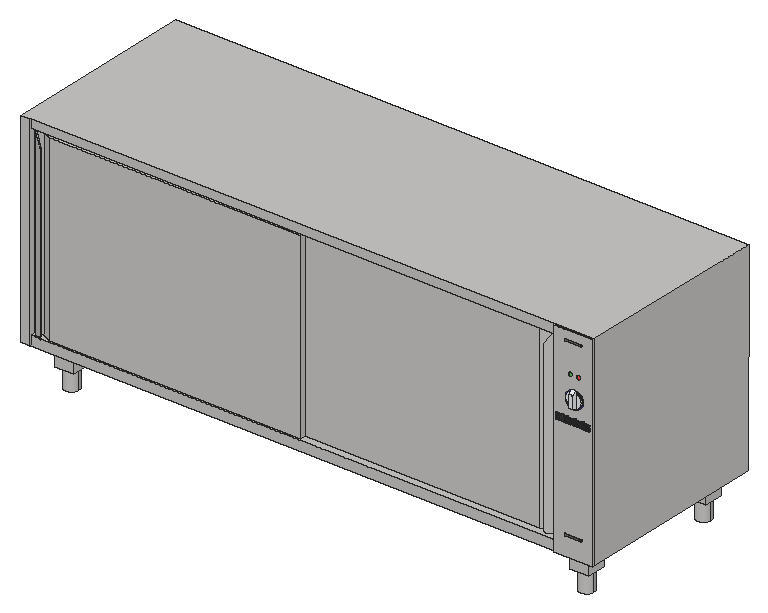
Revit family "QF_ELECTROLUXPROFESSIONAL_121922_TE2SE20", category Attrezzature speciali, Revit 2020
Family settings
  Quota connettore circolare = Usa diametro
  Tipo di parte = Normale
  Basato su piano di lavoro = No
  Sempre verticale = Sì
  Taglio con vuoti quando caricato = No
  Condiviso = No
  Punto di calcolo locali = No
Parameters (values of type "Standard")
  Weight = 121.00 kg
  Watts = 2000 W
  Volts = 230 V
  URL Manufacturer = "https://www.electroluxprofessional.com/"
  URL = "https://www.electroluxprofessional.com/"
  Steam Supply Size = 0 mm
  Steam Supply Minimum Pressure = 0.0 Pa
  Steam Supply Maximum Pressure = 0.0 Pa
  Steam Consumption per Hour = 0
  Refrigeration Suction Line Size = 0.0 mm
  Refrigeration Liquid Line Size = 0.0 mm
  Refrigerant Compressor Remote = yes
  Prospetto di default = 0.0 mm
  Phase = 1
  Modello = "TE2SE20"
  Produttore = "Electrolux Professional"
  Length Actual = 2000.0 mm  # constant formula
  Item Number = "121922"
  Hot Water Size = 0 mm
  Height Actual = 860.0 mm  # constant formula
  HP = "2.7 HP"
  Gas Size = 0 mm
  Gas KW = 0
  Gas Input Pressure = 0 W
  Direct Waste Size = 0 mm
  Descrizione = "HOT CUPBOARD WITH 2 SLIDING DOORS 2000MM"
  Depth Actual = 680.0 mm  # constant formula
  Cycle = 50 Hz
  Condensate Return Size = 0 mm
  Compressed Air Volume = 0.0 L/s
  Compressed Air Size = 0 mm
  Compressed Air Pressure = 0.0 Pa
  Cold Water Size = 0 mm
  Accessory = yes
Reference planes
  plane 1 "Center (Front/Back)": y = 0
  plane 2: z = 0
  plane 3 "Center (Left/Right)": x = -300
  plane 4 "LEFT": x = -1300
  plane 5 "RIGHT": x = 700
  plane 6 "BACK": y = 340
  plane 7 "FRONT": y = -340
  plane 8 "Base": z = 860
  plane 9 "TOP": z = 900
  plane 10: x = -1200
  plane 11: x = 600
  plane 12: y = 270
  plane 13: y = -240
  plane 14 "FEET": z = 150
  plane 15: x = -1266
  plane 16: y = -337
  plane 17: y = 310
  plane 18: x = 566
  plane 19 "EIy": x = 668
  plane 20 "EIx": y = -90
Forms (mm)
  Extrusion 1, solid, material "QF_Finishes_Stainless Steel"
    sketch origin (0, 0, 150) x (-1, 0, 0) y (0, -1, 0)
      loop
        line (1300, -340) -> (1300, 340) -> (1266, 340) -> (1266, -340) -> (1300, -340)
      loop
        line (-566, -340) -> (-566, 337) -> (-700, 337) -> (-700, -340) -> (-566, -340)
    from 0 to 710
  Extrusion 2, solid, material "QF_Finishes_Stainless Steel"
    sketch origin (0, 0, 150) x (-1, 0, 0) y (0, -1, 0)
      loop
        line (1266, -310) -> (1266, 337) -> (-566, 337) -> (-566, -310) -> (1266, -310)
    from 0 to 35
  Extrusion 3, solid, material "QF_Finishes_Stainless Steel"
    sketch origin (0, 0, 0) x (1, 0, 0) y (0, 1, 0)
      loop
        line (-1266, -337) -> (566, -337) -> (566, 340) -> (-1266, 340) -> (-1266, -337)
    from 830 to 860
  Extrusion 4, solid, material "QF_Finishes_Stainless Steel"
    sketch origin (0, 0, 150) x (-1, 0, 0) y (0, -1, 0)
      loop
        line (1266, -340) -> (1266, -310) -> (-566, -310) -> (-566, -340) -> (1266, -340)
    from 680 to 0
  Extrusion 5, solid, material "QF_Finishes_Stainless Steel"
    sketch origin (0, -340, 0) x (-1, 0, 0) y (0, 0, 1)
      loop
        line (301, 185) -> (301, 187) -> (299, 187) -> (299, 185) -> (301, 185)
    from 45 to 43
  Extrusion 6, solid, material "QF_Finishes_Stainless Steel"
    sketch origin (0, 0, 150) x (-1, 0, 0) y (0, -1, 0)
      loop
        circle (-668, 90) r 10
    from 0 to -5
  Extrusion 7, solid, material "QF_Finishes_Stainless Steel"
    sketch origin (0, 0, 150) x (-1, 0, 0) y (0, -1, 0)
      loop
        line (376.5, 317) -> (-498, 317) -> (-533, 302) -> (-563, 302) -> (-563, 297) -> (376.5, 297) -> (376.5, 317)
    from 675 to 40
  Extrusion 8, solid, material "QF_Finishes_Stainless Steel"
    sketch origin (0, 0, 150) x (-1, 0, 0) y (0, -1, 0)
      loop
        line (-521, 331) -> (-549, 316) -> (-563, 302) -> (-560.172, 302) -> (-547.795, 314.377) -> (-520.056, 329.237) -> (-521, 331)
    from 675 to 40
  Extrusion 9, solid, material "QF_Finishes_Stainless Steel"
    sketch origin (0, 0, 150) x (-1, 0, 0) y (0, -1, 0)
      loop
        line (323.481, 337) -> (323.481, 317) -> (1263, 317) -> (1263, 322) -> (1233, 322) -> (1198, 337) -> (323.481, 337)
    from 675 to 40
  Extrusion 10, solid, material "QF_Finishes_Stainless Steel"
    sketch origin (0, 0, 150) x (-1, 0, 0) y (0, -1, 0)
      loop
        line (1221, 351) -> (1220.056, 349.237) -> (1247.795, 334.377) -> (1260.172, 322) -> (1263, 322) -> (1249, 336) -> (1221, 351)
    from 675 to 40
  Extrusion 11, void
    sketch origin (-318.5, -342.5, 2438.308) x (-1, 0, 0) y (0, 0, 1)
      loop
        line (897, -1610) -> (897, -1661.75) -> (931.5, -1610) -> (897, -1610)
      loop
        line (901.556, -2245) -> (911.556, -2245)
        arc (911.556, -2245) -> (904.484, -2242.071) -> (901.556, -2235) r 10
        line (901.556, -2235) -> (901.556, -2245)
    from -13.118 to 9.689
  Extrusion 12, void
    sketch origin (-481.5, -342.5, 2430) x (1, 0, 0) y (0, 0, -1)
      loop
        line (997, 1605) -> (1031.5, 1605) -> (997, 1656.75) -> (997, 1605)
      loop
        line (1001.556, 2240) -> (1001.556, 2230)
        arc (1001.556, 2230) -> (1004.484, 2237.071) -> (1011.556, 2240) r 10
        line (1011.556, 2240) -> (1001.556, 2240)
    from 5.5 to 29.918
Cuts and joins
  joined: Extrusion 1, Extrusion 3, Extrusion 4
  Extrusion 11 cuts Extrusion 10
  Extrusion 12 cuts Extrusion 8
Lines and regions (mm)
  symbolic lines, style "SpecialityEquipmentHiddenLines"
    curve 1: line (700, 340, 900) -> (-1300, 340, 900)
    curve 2: line (700, -340, 900) -> (700, 340, 900)
    curve 3: line (-1300, -344.5, 150) -> (-1300, 340, 150)
    curve 4: line (-1300, -340, 150) -> (-1266, -340, 150)
    curve 5: line (-1266, -340, 150) -> (-1266, -337, 150)
    curve 6: line (-1266, -337, 150) -> (566, -337, 150)
    curve 7: line (566, -337, 150) -> (566, -340, 150)
    curve 8: line (566, -340, 150) -> (700, -340, 150)
    curve 9: line (568, -340, 1600) -> (568, -337, 1600)
    curve 11: line (-1268, -337, 1600) -> (-1268, -340, 1600)
    curve 12: line (566, -297, 200) -> (-376.5, -297, 200)
    curve 13: line (-376.5, -297, 200) -> (-376.5, -317, 200)
    curve 14: line (499, -317, 200) -> (-1263, -317, 200)
    curve 18: line (-323.5, -317, 200) -> (-323.5, -337, 200)
    curve 19: line (498, -317, 1600) -> (533, -302, 1600)
    curve 20: line (533, -302, 1600) -> (563, -302, 1600)
    curve 21: line (563, -302, 1600) -> (563, -297, 1600)
    curve 22: line (520.958, -331.023, 1600) -> (548.999, -316.001, 1600)
    curve 23: line (548.999, -316.001, 1600) -> (563, -302, 1600)
    curve 24: line (560.172, -302, 1600) -> (547.795, -314.377, 1600)
    curve 25: line (547.795, -314.377, 1600) -> (519.992, -329.271, 1600)
    curve 26: line (519.992, -329.271, 1600) -> (520.958, -331.023, 1600)
    curve 27: line (-1263, -317, 1600) -> (-1263, -322, 1600)
    curve 28: line (-1263, -322, 1600) -> (-1249, -336, 1600)
    curve 29: line (-1249, -336, 1600) -> (-1247.133, -337, 1600)
    curve 30: line (-1242.884, -337, 1600) -> (-1247.955, -334.283, 1600)
    curve 31: line (-1247.955, -334.283, 1600) -> (-1260.239, -322, 1600)
    curve 32: line (-1198, -337, 1600) -> (-1233, -322, 1600)
    curve 33: line (-1233, -322, 1600) -> (-1263, -322, 1600)
  symbolic lines, style "SpecialityEquipment"
    curve 10: line (568, -337, 1600) -> (-1268, -337, 1600)
    curve 15: line (-1247.133, -337, 1600) -> (-1220.985, -351.008, 1600)
    curve 16: line (-1220.985, -351.008, 1600) -> (-1220.038, -349.239, 1600)
    curve 17: line (-1242.884, -337, 1600) -> (-1220.038, -349.239, 1600)
Dimensions and locks
  plane 4 "LEFT" to plane 5 "RIGHT" = 2000.0 mm
  equal spacing: plane 4 "LEFT", plane 3 "Center (Left/Right)", plane 5 "RIGHT"
  plane 6 "BACK" to plane 7 "FRONT" = 680.0 mm
  equal spacing: plane 6 "BACK", plane 1 "Center (Front/Back)", plane 7 "FRONT"
  locked: plane 14 "FEET" to level at 150
  locked: plane 4 "LEFT" to plane 10 at 100
  locked: plane 11 to plane 5 "RIGHT" at 100
  locked: plane 4 "LEFT" to plane 15 at 34
  plane 16 to plane 7 "FRONT" = 3.0 mm
  plane 6 "BACK" to plane 17 = 30.0 mm
  locked: plane 6 "BACK" to plane 12 at 70
  locked: plane 13 to plane 7 "FRONT" at 100
  locked: plane 8 "Base" to level at 860
  locked: plane 9 "TOP" to level at 900
  locked: plane 18 to plane 5 "RIGHT" at 134
  locked: plane 19 "EIy" to plane 5 "RIGHT" at 32
  locked: plane 20 "EIx" to plane 7 "FRONT" at 250
  aligned and locked: level to plane 2
  aligned and locked: plane 10 to nested 1
  aligned and locked: plane 11 to nested 2
  aligned and locked: nested 4 to plane 12
  aligned and locked: plane 10 to nested 3
  aligned and locked: nested 3 to plane 12
  aligned and locked: plane 8 "Base" to Extrusion 1
  aligned and locked: plane 6 "BACK" to Extrusion 1 sketch curve
  aligned and locked: Extrusion 1 sketch curve to plane 6 "BACK"
  aligned and locked: Extrusion 1 sketch curve to plane 7 "FRONT"
  aligned and locked: plane 15 to Extrusion 1
  aligned and locked: Extrusion 2 to plane 15
  aligned and locked: plane 8 "Base" to Extrusion 3
  aligned and locked: Extrusion 2 to plane 16
  aligned and locked: Extrusion 2 to plane 17
  aligned and locked: Extrusion 3 to plane 16
  aligned and locked: plane 15 to Extrusion 4 sketch curve
  aligned and locked: Extrusion 4 sketch curve to plane 6 "BACK"
  aligned and locked: Extrusion 4 sketch curve to plane 17
  aligned and locked: Extrusion 4 to Extrusion 3
  aligned and locked: Extrusion 4 to plane 14 "FEET"
  aligned and locked: plane 6 "BACK" to Extrusion 3
  aligned and locked: nested 1 to plane 13
  aligned and locked: nested 2 to plane 13
  aligned and locked: plane 18 to Extrusion 3
  aligned and locked: Extrusion 2 sketch curve to plane 18
  aligned and locked: nested 4 to nested 2
Automatic sketch dimensions
  curve 2 to plane 5 "RIGHT" = 0.0 mm
  curve 2 to plane 7 "FRONT" = 0.0 mm
  curve 1 to plane 4 "LEFT" = 0.0 mm
  curve 1 to plane 6 "BACK" = 0.0 mm
  Extrusion 1 sketch curve to plane 5 "RIGHT" = 0.0 mm
  Extrusion 1 sketch curve to plane 16 = 0.0 mm
  Extrusion 1 sketch curve to plane 18 = 0.0 mm
  Extrusion 1 sketch curve to plane 15 = 0.0 mm
  Extrusion 1 sketch curve to plane 4 "LEFT" = 0.0 mm
  Extrusion 2 sketch curve to plane 15 = 0.0 mm
  plane 17 to Extrusion 2 sketch curve = 0.0 mm
  Extrusion 2 sketch curve to plane 16 = 0.0 mm
  curve 8 to plane 5 "RIGHT" = 0.0 mm
  curve 8 to plane 7 "FRONT" = 0.0 mm
  curve 8 to plane 18 = 0.0 mm
  curve 6 to plane 15 = 0.0 mm
  curve 3 to plane 4 "LEFT" = 0.0 mm
  curve 3 to plane 6 "BACK" = 0.0 mm
  curve 6 to plane 16 = 0.0 mm
  curve 4 to plane 7 "FRONT" = 0.0 mm
  curve 3 to plane 7 "FRONT" = 4.5 mm
  Extrusion 3 sketch curve to plane 6 "BACK" = 0.0 mm
  Extrusion 3 sketch curve to plane 15 = 0.0 mm
  Extrusion 3 sketch curve to plane 18 = 0.0 mm
  Extrusion 3 sketch curve to plane 16 = 0.0 mm
  Extrusion 4 sketch curve to plane 18 = 0.0 mm
  plane 3 "Center (Left/Right)" to Extrusion 5 sketch curve = 1.0 mm
  Extrusion 5 sketch curve to plane 3 "Center (Left/Right)" = 1.0 mm
  plane 14 "FEET" to Extrusion 5 sketch curve = 35.0 mm
  Extrusion 5 sketch curve to Extrusion 5 sketch curve = 2.0 mm
  Extrusion 6 sketch curve to plane 19 "EIy" = 0.0 mm
  Extrusion 6 sketch curve to plane 20 "EIx" = 0.0 mm
  Extrusion 7 sketch curve to plane 18 = 3.0 mm
  Extrusion 7 sketch curve to Extrusion 7 sketch curve = 30.0 mm
  Extrusion 7 sketch curve to Extrusion 7 sketch curve = 35.0 mm
  Extrusion 7 sketch curve to plane 3 "Center (Left/Right)" = 76.5 mm
  plane 16 to Extrusion 7 sketch curve = 40.0 mm
  Extrusion 7 sketch curve to Extrusion 7 sketch curve = 5.0 mm
  Extrusion 7 sketch curve to Extrusion 7 sketch curve = 20.0 mm
  Extrusion 8 sketch curve to plane 18 = 3.0 mm
  Extrusion 8 sketch curve to Extrusion 8 sketch curve = 2.828 mm
  Extrusion 8 sketch curve to plane 18 = 17.0 mm
  Extrusion 8 sketch curve to Extrusion 8 sketch curve = 1.205 mm
  plane 16 to Extrusion 8 sketch curve = 6.0 mm
  Extrusion 8 sketch curve to Extrusion 8 sketch curve = 26.795 mm
  plane 16 to Extrusion 8 sketch curve = 7.763 mm
  Extrusion 8 sketch curve to Extrusion 8 sketch curve = 0.944 mm
  Extrusion 8 sketch curve to Extrusion 8 sketch curve = 12.377 mm
  Extrusion 9 sketch curve to plane 16 = 0.0 mm
  Extrusion 9 sketch curve to plane 3 "Center (Left/Right)" = 23.481 mm
  plane 10 to Extrusion 9 sketch curve = 2.0 mm
  plane 16 to Extrusion 9 sketch curve = 15.0 mm
  Extrusion 9 sketch curve to plane 10 = 33.0 mm
  plane 15 to Extrusion 9 sketch curve = 3.0 mm
  Extrusion 9 sketch curve to Extrusion 9 sketch curve = 20.0 mm
  Extrusion 10 sketch curve to plane 10 = 20.056 mm
  Extrusion 10 sketch curve to plane 7 "FRONT" = 11.0 mm
  Extrusion 10 sketch curve to Extrusion 10 sketch curve = 0.944 mm
  plane 16 to Extrusion 10 sketch curve = 2.623 mm
  plane 15 to Extrusion 10 sketch curve = 18.205 mm
  plane 16 to Extrusion 10 sketch curve = 1.0 mm
  plane 15 to Extrusion 10 sketch curve = 5.828 mm
  Extrusion 10 sketch curve to Extrusion 10 sketch curve = 2.828 mm
  plane 16 to Extrusion 10 sketch curve = 15.0 mm
  curve 9 to plane 16 = 0.0 mm
  curve 9 to plane 7 "FRONT" = 0.0 mm
  curve 11 to plane 7 "FRONT" = 0.0 mm
  plane 18 to curve 9 = 2.0 mm
  curve 23 to plane 18 = 3.0 mm
  curve 23 to plane 18 = 17.001 mm
  curve 22 to curve 25 = 1.204 mm
  curve 24 to curve 19 = 14.795 mm
  plane 16 to curve 22 = 5.977 mm
  curve 19 to curve 22 = 12.042 mm
  plane 16 to curve 25 = 7.729 mm
  curve 22 to curve 25 = 0.966 mm
  curve 16 to plane 7 "FRONT" = 9.239 mm
  curve 16 to plane 10 = 20.038 mm
  curve 16 to plane 7 "FRONT" = 11.008 mm
  curve 16 to curve 16 = 0.948 mm
  curve 33 to curve 17 = 9.884 mm
  plane 16 to curve 30 = 2.717 mm
  curve 15 to curve 30 = 0.822 mm
  plane 16 to curve 29 = 1.0 mm
  curve 30 to curve 29 = 1.045 mm
  plane 15 to curve 33 = 3.0 mm
  curve 11 to plane 15 = 2.0 mm
  plane 16 to curve 33 = 15.0 mm
  plane 16 to curve 23 = 20.999 mm
  curve 25 to curve 22 = 1.624 mm
  curve 19 to curve 24 = 12.377 mm
  curve 20 to curve 24 = 2.828 mm
  plane 16 to curve 19 = 20.0 mm
  curve 25 to curve 19 = 21.992 mm
  plane 10 to curve 32 = 2.0 mm
  curve 30 to curve 17 = 0.0 mm
  curve 29 to curve 15 = 0.0 mm
  curve 31 to curve 27 = 2.761 mm
  curve 27 to curve 27 = 5.0 mm
  curve 21 to curve 20 = 5.0 mm
  curve 12 to plane 18 = 0.0 mm
  curve 18 to plane 16 = 0.0 mm
  curve 13 to plane 3 "Center (Left/Right)" = 76.5 mm
  plane 16 to curve 13 = 40.0 mm
  plane 16 to curve 14 = 20.0 mm
  curve 14 to plane 18 = 67.0 mm
  curve 18 to plane 3 "Center (Left/Right)" = 23.5 mm
  plane 15 to curve 14 = 3.0 mm
  Extrusion 11 sketch curve to plane 10 = 15.5 mm
  Extrusion 11 sketch curve to plane 10 = 20.056 mm
  Extrusion 11 sketch curve to Extrusion 11 sketch curve = 10.0 mm
  plane 15 to Extrusion 11 sketch curve = 16.0 mm
  plane 14 "FEET" to Extrusion 11 sketch curve = 43.308 mm
  Extrusion 11 sketch curve to plane 8 "Base" = 83.442 mm
  Extrusion 11 sketch curve to plane 8 "Base" = 31.692 mm
  Extrusion 12 sketch curve to plane 18 = 50.5 mm
  Extrusion 12 sketch curve to plane 18 = 45.944 mm
  Extrusion 12 sketch curve to Extrusion 12 sketch curve = 10.0 mm
  Extrusion 12 sketch curve to plane 18 = 16.0 mm
  Extrusion 12 sketch curve to plane 8 "Base" = 35.0 mm
  Extrusion 12 sketch curve to Extrusion 12 sketch curve = 51.75 mm
  plane 14 "FEET" to Extrusion 12 sketch curve = 50.0 mm
  radius of Extrusion 6 sketch curve = 10.0 mm
Nested families
  nested 1: "FEET_L65-150" at (-1200, -240, 0), type "FEET_L65-150"
  nested 2: "FEET_L65-150" at (600, -240, 0), type "FEET_L65-150"
  nested 3: "FEET_L65-150" at (-1200, 270, 0), type "FEET_L65-150"
  nested 4: "FEET_L65-150" at (600, 270, 0), type "FEET_L65-150"
  nested 5: "PANEL_ELX_HOTCUP_134" at (596.958, -337, 150) x (1, 0, 0) z (0, -1, 0), type "PANEL_ELX_HOTCUP_134"
    with Width 134.0 mm, Show Clearance yes
Connectors
  electrical at (668, -90, 145), driven by "Volts"
    settings: on Extrusion 6, index 1, voltage 230 V, apparent load 0 VA, apparent load phase1 0 VA, apparent load phase2 0 VA, apparent load phase3 0 VA, power factor 1, load classification "Other", number of poles 1, system type 30, power factor state 1, is connector primary yes, connector utility no, sub classification motor no, connector description "Electrical Connection"
Definition of nested family "FEET_L65-150"
  Parameters
    Default Elevation = 0.0 mm
    FEET = 150.0 mm
  Reference planes
    plane 1 "Center (Front/Back)": y = 0
    plane 2: z = 0
    plane 3 "Center (Left/Right)": x = 0
    plane 4: z = 150
  Forms (mm)
    Extrusion 1, solid
      sketch origin (0, 0, 0) x (1, 0, 0) y (0, 1, 0)
        loop
          circle (0, 0) r 25
      from 0 to 67
    Extrusion 2, solid
      sketch origin (0, 0, 0) x (1, 0, 0) y (0, 1, 0)
        loop
          line (32.561, 32.5) -> (-32.439, 32.5) -> (-32.439, -32.5) -> (32.561, -32.5) -> (32.561, 32.5)
      from 67 to 150 <- "FEET"
  Lines and regions (mm)
    symbolic lines
      curve 1: line (0, -1.503, 0) -> (0, 1.508, 0)
      curve 2: line (1.561, 0, 0) -> (-1.439, 0, 0)
  Dimensions and locks
    "FEET": plane 4 to plane 2
    aligned and locked: level to plane 2
  Automatic sketch dimensions
    plane 1 "Center (Front/Back)" to Extrusion 1 sketch curve = 0.0 mm
    Extrusion 1 sketch curve to plane 3 "Center (Left/Right)" = 0.0 mm
    plane 1 "Center (Front/Back)" to curve 2 = 0.0 mm
    curve 1 to plane 3 "Center (Left/Right)" = 0.0 mm
    curve 2 to plane 3 "Center (Left/Right)" = 1.439 mm
    plane 3 "Center (Left/Right)" to curve 2 = 1.561 mm
    plane 1 "Center (Front/Back)" to curve 1 = 1.503 mm
    curve 1 to plane 1 "Center (Front/Back)" = 1.508 mm
    Extrusion 2 sketch curve to plane 1 "Center (Front/Back)" = 32.5 mm
    Extrusion 2 sketch curve to plane 3 "Center (Left/Right)" = 32.439 mm
    plane 3 "Center (Left/Right)" to Extrusion 2 sketch curve = 32.561 mm
    plane 1 "Center (Front/Back)" to Extrusion 2 sketch curve = 32.5 mm
    radius of Extrusion 1 sketch curve = 25.0 mm
Definition of nested family "PANEL_ELX_HOTCUP_134"
  Parameters
    Width [instance] = 134.0 mm
    Show Clearance [instance] = yes
    Model = "727995"
    Height = 710.0 mm
    Default Elevation = 0.0 mm
  Reference planes
    plane 1 "Center (Front/Back)": y = 0
    plane 2: z = 0
    plane 3 "Center (Left/Right)": x = 36.042
    plane 4 "panel": z = 3
    plane 5 "Left": x = -30.958
    plane 6 "Right": x = 103.042
    plane 7: y = 710
    plane 8 "L1": x = 26.042
    plane 9 "L2": x = 54.042
    plane 10: y = 575
  Forms (mm)
    Extrusion 1, solid
      sketch origin (0, -919.2, 0) x (1, 0, 0) y (0, 1, 0)
        loop
          line (-980.5, 2119.2) -> (-980.5, -162.846) -> (881.94, -162.846) -> (881.94, 2119.2) -> (-980.5, 2119.2)
      from 0 to -59.546
    Extrusion 2, solid
      sketch origin (36.042, -190, 0) x (0, 1, 0) y (0, 0, 1)
        loop
          line (190, 3) -> (190, 0) -> (900, 0) -> (900, 3) -> (190, 3)
      from 67 to -67
    Extrusion 3, solid
      sketch origin (0, 0, 0) x (1, 0, 0) y (0, 1, 0)
        loop
          line (9.042, 673.5) -> (63.042, 673.5)
          arc (63.042, 673.5) -> (66.042, 676.5) -> (63.042, 679.5) r 3
          line (63.042, 679.5) -> (9.042, 679.5)
          arc (9.042, 679.5) -> (6.042, 676.5) -> (9.042, 673.5) r 3
        loop
          line (9.042, 65) -> (63.042, 65)
          arc (63.042, 65) -> (66.042, 68) -> (63.042, 71) r 3
          line (63.042, 71) -> (9.042, 71)
          arc (9.042, 71) -> (6.042, 68) -> (9.042, 65) r 3
      from 3 to 4.6
    Extrusion 4, solid
      sketch origin (0, 0, 0) x (1, 0, 0) y (0, 1, 0)
        loop
          circle (40.042, 500) r 30
      from 0 to 5
    Extrusion 5, solid
      sketch origin (0, 0, 0) x (1, 0, 0) y (0, 1, 0)
        loop
          circle (40.042, 500) r 26.788
      from 7 to 5
    Blend 6, solid
      base sketch origin (0, 0, 0) x (1, 0, 0) y (0, 1, 0)
        loop
          arc (48.106, 530.45) -> (40.022, 531.5) -> (31.94, 530.44) r 31.5
          line (31.94, 530.44) -> (31.94, 474.458)
          arc (31.94, 474.458) -> (40.023, 473.209) -> (48.106, 474.454) r 26.815
          line (48.106, 474.454) -> (48.106, 530.45)
      top sketch origin (0, 0, 0) x (1, 0, 0) y (0, 1, 0)
        loop
          arc (47.007, 520.889) -> (40.042, 522.019) -> (33.077, 520.889) r 22.019
          line (33.077, 520.889) -> (33.077, 480.699)
          arc (33.077, 480.699) -> (40.042, 479.481) -> (47.007, 480.699) r 20.519
          line (47.007, 480.699) -> (47.007, 520.889)
      from 7 to 20
    Revolve 7, solid
      sketch origin (26.042, 0, 0) x (0, 1, 0) y (0, 0, 1)
        loop
          line (575, 3) -> (581, 3)
          arc (581, 3) -> (578.606, 5.908) -> (575, 7) r 6.5
          line (575, 7) -> (575, 3)
        axis (575, 7) -> (575, 3)
      angle from 0 to 360
    Revolve 8, solid
      sketch origin (54.042, 0, 0) x (0, 1, 0) y (0, 0, 1)
        loop
          line (575, 3) -> (581, 3)
          arc (581, 3) -> (578.606, 5.908) -> (575, 7) r 6.5
          line (575, 7) -> (575, 3)
        axis (575, 7) -> (575, 3)
      angle from 0 to 360
  Dimensions and locks
    plane 4 "panel" to level = 3.0 mm
    "Width": plane 5 "Left" to plane 6 "Right"
    equal spacing: plane 5 "Left", plane 3 "Center (Left/Right)", plane 6 "Right"
    "Height": plane 1 "Center (Front/Back)" to plane 7
    aligned and locked: plane 2 to Extrusion 1
    aligned and locked: level to Extrusion 1
    aligned and locked: plane 7 to Extrusion 2
    aligned and locked: plane 6 "Right" to Extrusion 2
    aligned and locked: Extrusion 2 to plane 5 "Left"
    aligned and locked: plane 1 "Center (Front/Back)" to Extrusion 2
  Automatic sketch dimensions
    Extrusion 1 sketch curve to Extrusion 1 sketch curve = 1862.44 mm
    Extrusion 1 sketch curve to Extrusion 1 sketch curve = 2282.046 mm
    Extrusion 2 sketch curve to plane 1 "Center (Front/Back)" = 0.0 mm
    Extrusion 2 sketch curve to level = 0.0 mm
    Extrusion 2 sketch curve to plane 7 = 0.0 mm
    Extrusion 2 sketch curve to plane 4 "panel" = 0.0 mm
    Extrusion 3 sketch curve to plane 8 "L1" = 17.0 mm  (x2)
    plane 9 "L2" to Extrusion 3 sketch curve = 9.0 mm  (x2)
    Extrusion 3 sketch curve to plane 1 "Center (Front/Back)" = 65.0 mm
    Extrusion 3 sketch curve to Extrusion 3 sketch curve = 3.0 mm  (x2)
    Extrusion 3 sketch curve to plane 7 = 36.5 mm
    plane 3 "Center (Left/Right)" to Extrusion 4 sketch curve = 4.0 mm
    Extrusion 4 sketch curve to plane 10 = 75.0 mm
    plane 3 "Center (Left/Right)" to Extrusion 5 sketch curve = 4.0 mm
    Extrusion 5 sketch curve to plane 10 = 75.0 mm
    Blend 6 sketch curve to plane 3 "Center (Left/Right)" = 4.102 mm
    plane 3 "Center (Left/Right)" to Blend 6 sketch curve = 3.988 mm
    Blend 6 sketch curve to Blend 6 sketch curve = 0.012 mm
    Blend 6 sketch curve to plane 9 "L2" = 5.936 mm
    Blend 6 sketch curve to plane 10 = 100.546 mm
    Blend 6 sketch curve to Blend 6 sketch curve = 0.004 mm
    Blend 6 sketch curve to Blend 6 sketch curve = 0.024 mm
    Blend 6 sketch curve to Blend 6 sketch curve = 30.416 mm
    Blend 6 sketch curve to Blend 6 sketch curve = 0.0 mm  (x2)
    Blend 6 sketch curve to plane 3 "Center (Left/Right)" = 2.965 mm
    plane 3 "Center (Left/Right)" to Blend 6 sketch curve = 4.0 mm
    Blend 6 sketch curve to plane 9 "L2" = 7.035 mm
    Blend 6 sketch curve to plane 10 = 94.301 mm
    Blend 6 sketch curve to Blend 6 sketch curve = 19.301 mm
    Blend 6 sketch curve to Blend 6 sketch curve = 20.889 mm
    Revolve 7 sketch curve to plane 4 "panel" = 0.0 mm
    Revolve 7 sketch curve to plane 10 = 0.0 mm  (x2)
    plane 10 to Revolve 7 sketch curve = 6.0 mm
    level to Revolve 7 sketch curve = 0.5 mm
    Revolve 7 sketch curve to Revolve 7 sketch curve = 0.57 mm
    Revolve 7 sketch curve to Revolve 7 sketch curve = 2.941 mm
    Revolve 8 sketch curve to plane 4 "panel" = 0.0 mm
    Revolve 8 sketch curve to plane 10 = 0.0 mm  (x2)
    plane 10 to Revolve 8 sketch curve = 6.0 mm
    level to Revolve 8 sketch curve = 0.5 mm
    Revolve 8 sketch curve to Revolve 8 sketch curve = 0.57 mm
    Revolve 8 sketch curve to Revolve 8 sketch curve = 2.941 mm
    radius of Extrusion 4 sketch curve = 30.0 mm
    radius of Extrusion 5 sketch curve = 26.788 mm
  Nested families
    nested 1: "ELX_Professional_Logo_Small" at (36.042, 430.35, 3), type "ELX_Professional_Logo_Small"
      with Show Logo yes, Material_Logo none
  Definition of nested family "ELX_Professional_Logo_Small"
    Parameters
      Show Logo [instance] = yes
      Material_Logo [instance] = none
      Default Elevation = 0.0 mm
    Reference planes
      plane 1 "Centro (Fronte/Retro)": y = 0
      plane 2: z = 0
      plane 3 "Centro (Sinistra/Destra)": x = 0
    Forms (mm)
      Extrusion 1, solid
        sketch origin (0, 0, 0) x (1, 0, 0) y (0, 1, 0)
          loop
            line (-1219.2, 1219.2) -> (-1219.2, -1219.2) -> (1219.2, -1219.2) -> (1219.2, 1219.2) -> (-1219.2, 1219.2)
        from 0 to -304.8
      Extrusion 2, solid, material <- "Material_Logo"
        sketch origin (15.5, 0, 0) x (1, 0, 0) y (0, 1, 0)
          loop
            spline (-42.99, -1.24) -> (-43.195, -1.231) -> (-43.415, -1.203) -> (-43.642, -1.152) -> (-43.87, -1.074) -> (-44.095, -0.966) -> (-44.309, -0.825) -> (-44.506, -0.647) -> (-44.681, -0.429) -> (-44.828, -0.167) -> (-44.94, 0.142) -> (-45.011, 0.501) -> (-45.037, 0.915)
            line (-45.037, 0.915) -> (-45.037, 2.748) -> (-38.984, 2.748) -> (-38.984, 5.086) -> (-45.038, 5.086) -> (-45.038, 8.489) -> (-38.599, 8.489) -> (-38.599, 10.82) -> (-47.515, 10.82) -> (-47.515, 1.021)
            spline (-47.515, 1.021) -> (-47.493, 0.418) -> (-47.425, -0.15) -> (-47.311, -0.682) -> (-47.15, -1.175) -> (-46.939, -1.628) -> (-46.678, -2.038) -> (-46.365, -2.404) -> (-46, -2.723) -> (-45.58, -2.995) -> (-45.105, -3.216) -> (-44.573, -3.385) -> (-43.983, -3.499)
            line (-43.983, -3.499) -> (-43.01, -3.569) -> (-38.426, -3.569) -> (-38.426, -1.24) -> (-42.99, -1.24)
          loop
            line (-36.666, 4.021) -> (-36.666, -3.573) -> (-34.188, -3.573) -> (-34.188, 10.824) -> (-36.666, 10.824) -> (-36.666, 4.021)
          loop
            spline (-21.915, 1.897) -> (-21.957, 2.615) -> (-22.082, 3.303) -> (-22.285, 3.955) -> (-22.563, 4.564) -> (-22.913, 5.124) -> (-23.331, 5.629) -> (-23.814, 6.074) -> (-24.359, 6.451) -> (-24.961, 6.755) -> (-25.618, 6.98) -> (-26.326, 7.119) -> (-27.081, 7.167)
            spline (-27.081, 7.167) -> (-27.853, 7.122) -> (-28.586, 6.99) -> (-29.275, 6.774) -> (-29.915, 6.478) -> (-30.5, 6.104) -> (-31.024, 5.657) -> (-31.483, 5.138) -> (-31.871, 4.553) -> (-32.182, 3.904) -> (-32.411, 3.194) -> (-32.552, 2.427) -> (-32.6, 1.606)
            spline (-32.6, 1.606) -> (-32.553, 0.805) -> (-32.416, 0.057) -> (-32.193, -0.637) -> (-31.887, -1.271) -> (-31.504, -1.843) -> (-31.048, -2.35) -> (-30.523, -2.788) -> (-29.934, -3.154) -> (-29.284, -3.444) -> (-28.579, -3.656) -> (-27.822, -3.785) -> (-27.019, -3.829)
            spline (-27.019, -3.829) -> (-26.627, -3.82) -> (-26.239, -3.79) -> (-25.856, -3.739) -> (-25.477, -3.663) -> (-25.103, -3.562) -> (-24.734, -3.432) -> (-24.369, -3.273) -> (-24.01, -3.082) -> (-23.655, -2.858) -> (-23.305, -2.597) -> (-22.96, -2.299) -> (-22.621, -1.962)
            line (-22.621, -1.962) -> (-24.114, -0.509)
            spline (-24.114, -0.509) -> (-24.311, -0.699) -> (-24.509, -0.872) -> (-24.71, -1.03) -> (-24.915, -1.172) -> (-25.126, -1.297) -> (-25.346, -1.407) -> (-25.576, -1.5) -> (-25.817, -1.576) -> (-26.072, -1.636) -> (-26.342, -1.678) -> (-26.629, -1.704) -> (-26.936, -1.713)
            spline (-26.936, -1.713) -> (-27.384, -1.691) -> (-27.805, -1.625) -> (-28.196, -1.518) -> (-28.556, -1.372) -> (-28.882, -1.187) -> (-29.174, -0.966) -> (-29.429, -0.71) -> (-29.645, -0.422) -> (-29.821, -0.102) -> (-29.955, 0.247) -> (-30.045, 0.623) -> (-30.089, 1.026)
            line (-30.089, 1.026) -> (-21.956, 1.026) -> (-21.915, 1.897)
          loop
            spline (-24.446, 2.769) -> (-24.47, 3.075) -> (-24.54, 3.37) -> (-24.654, 3.65) -> (-24.807, 3.913) -> (-24.996, 4.156) -> (-25.219, 4.376) -> (-25.472, 4.57) -> (-25.753, 4.736) -> (-26.057, 4.869) -> (-26.382, 4.968) -> (-26.724, 5.03) -> (-27.081, 5.051)
            spline (-27.081, 5.051) -> (-27.464, 5.03) -> (-27.832, 4.97) -> (-28.183, 4.872) -> (-28.513, 4.74) -> (-28.819, 4.577) -> (-29.099, 4.384) -> (-29.347, 4.165) -> (-29.563, 3.923) -> (-29.742, 3.659) -> (-29.881, 3.377) -> (-29.977, 3.079) -> (-30.027, 2.769)
            line (-30.027, 2.769) -> (-24.446, 2.769)
          loop
            spline (-18.167, 1.669) -> (-18.138, 2.13) -> (-18.055, 2.567) -> (-17.921, 2.978) -> (-17.739, 3.358) -> (-17.512, 3.705) -> (-17.243, 4.016) -> (-16.937, 4.287) -> (-16.596, 4.517) -> (-16.223, 4.7) -> (-15.823, 4.835) -> (-15.398, 4.919) -> (-14.951, 4.947)
            spline (-14.951, 4.947) -> (-14.677, 4.938) -> (-14.414, 4.913) -> (-14.162, 4.871) -> (-13.921, 4.812) -> (-13.69, 4.738) -> (-13.467, 4.649) -> (-13.254, 4.544) -> (-13.048, 4.424) -> (-12.85, 4.291) -> (-12.659, 4.143) -> (-12.474, 3.981) -> (-12.295, 3.806)
            line (-12.295, 3.806) -> (-10.76, 5.403)
            spline (-10.76, 5.403) -> (-11.065, 5.709) -> (-11.38, 5.984) -> (-11.703, 6.228) -> (-12.035, 6.443) -> (-12.375, 6.63) -> (-12.723, 6.788) -> (-13.078, 6.92) -> (-13.44, 7.026) -> (-13.809, 7.107) -> (-14.184, 7.164) -> (-14.564, 7.198) -> (-14.951, 7.209)
            spline (-14.951, 7.209) -> (-15.725, 7.161) -> (-16.467, 7.02) -> (-17.169, 6.792) -> (-17.826, 6.482) -> (-18.43, 6.096) -> (-18.976, 5.637) -> (-19.455, 5.112) -> (-19.862, 4.525) -> (-20.19, 3.882) -> (-20.433, 3.189) -> (-20.584, 2.449) -> (-20.635, 1.669)
            spline (-20.635, 1.669) -> (-20.584, 0.889) -> (-20.433, 0.149) -> (-20.19, -0.545) -> (-19.862, -1.187) -> (-19.455, -1.774) -> (-18.976, -2.299) -> (-18.43, -2.758) -> (-17.826, -3.145) -> (-17.169, -3.454) -> (-16.467, -3.682) -> (-15.725, -3.823) -> (-14.951, -3.871)
            spline (-14.951, -3.871) -> (-14.564, -3.86) -> (-14.184, -3.826) -> (-13.809, -3.77) -> (-13.44, -3.689) -> (-13.078, -3.583) -> (-12.723, -3.451) -> (-12.375, -3.292) -> (-12.035, -3.105) -> (-11.703, -2.89) -> (-11.38, -2.646) -> (-11.065, -2.371) -> (-10.76, -2.066)
            line (-10.76, -2.066) -> (-12.295, -0.468)
            spline (-12.295, -0.468) -> (-12.474, -0.643) -> (-12.659, -0.805) -> (-12.85, -0.953) -> (-13.048, -1.087) -> (-13.254, -1.206) -> (-13.467, -1.311) -> (-13.69, -1.4) -> (-13.921, -1.475) -> (-14.162, -1.533) -> (-14.414, -1.575) -> (-14.677, -1.6) -> (-14.951, -1.609)
            spline (-14.951, -1.609) -> (-15.398, -1.581) -> (-15.823, -1.497) -> (-16.223, -1.362) -> (-16.596, -1.179) -> (-16.937, -0.95) -> (-17.243, -0.678) -> (-17.512, -0.367) -> (-17.739, -0.02) -> (-17.921, 0.36) -> (-18.055, 0.771) -> (-18.138, 1.208) -> (-18.167, 1.669)
          loop
            spline (-4.441, -1.243) -> (-4.659, -1.247) -> (-4.894, -1.23) -> (-5.137, -1.19) -> (-5.384, -1.121) -> (-5.628, -1.021) -> (-5.864, -0.884) -> (-6.084, -0.708) -> (-6.283, -0.488) -> (-6.454, -0.219) -> (-6.592, 0.101) -> (-6.69, 0.478) -> (-6.742, 0.914)
            line (-6.742, 0.914) -> (-6.742, 4.587) -> (-4.487, 4.587) -> (-4.487, 6.838) -> (-6.738, 6.838) -> (-6.738, 10.824) -> (-9.217, 10.824) -> (-9.217, 0.773)
            spline (-9.217, 0.773) -> (-9.164, 0.19) -> (-9.068, -0.358) -> (-8.928, -0.87) -> (-8.742, -1.343) -> (-8.511, -1.777) -> (-8.232, -2.168) -> (-7.904, -2.515) -> (-7.527, -2.816) -> (-7.098, -3.069) -> (-6.618, -3.273) -> (-6.084, -3.426) -> (-5.496, -3.525)
            line (-5.496, -3.525) -> (-4.45, -3.573) -> (-4.441, -1.243)
          loop
            spline (3.898, 6.983) -> (3.469, 7.009) -> (3.056, 7.001) -> (2.661, 6.961) -> (2.283, 6.888) -> (1.925, 6.785) -> (1.588, 6.652) -> (1.272, 6.49) -> (0.979, 6.301) -> (0.71, 6.085) -> (0.465, 5.844) -> (0.247, 5.578) -> (0.056, 5.289)
            line (0.056, 5.289) -> (0.056, 6.838) -> (-2.402, 6.838) -> (-2.402, -3.572) -> (0.056, -3.572) -> (0.056, 1.901)
            spline (0.056, 1.901) -> (0.079, 2.316) -> (0.145, 2.703) -> (0.254, 3.06) -> (0.404, 3.386) -> (0.592, 3.679) -> (0.818, 3.938) -> (1.08, 4.162) -> (1.375, 4.348) -> (1.703, 4.495) -> (2.062, 4.602) -> (2.45, 4.668) -> (2.865, 4.69)
            line (2.865, 4.69) -> (3.898, 4.586) -> (3.898, 6.983)
          loop
            spline (15.638, 1.633) -> (15.586, 2.396) -> (15.435, 3.124) -> (15.192, 3.81) -> (14.863, 4.449) -> (14.455, 5.034) -> (13.975, 5.56) -> (13.43, 6.021) -> (12.826, 6.411) -> (12.17, 6.724) -> (11.469, 6.955) -> (10.729, 7.098) -> (9.958, 7.147)
            spline (9.958, 7.147) -> (9.182, 7.098) -> (8.44, 6.955) -> (7.737, 6.724) -> (7.081, 6.411) -> (6.477, 6.021) -> (5.933, 5.56) -> (5.454, 5.034) -> (5.048, 4.449) -> (4.721, 3.81) -> (4.479, 3.124) -> (4.329, 2.396) -> (4.277, 1.633)
            spline (4.277, 1.633) -> (4.329, 0.869) -> (4.479, 0.141) -> (4.721, -0.544) -> (5.048, -1.183) -> (5.454, -1.768) -> (5.933, -2.294) -> (6.477, -2.755) -> (7.081, -3.145) -> (7.737, -3.459) -> (8.44, -3.69) -> (9.182, -3.833) -> (9.958, -3.882)
            spline (9.958, -3.882) -> (10.729, -3.833) -> (11.469, -3.69) -> (12.17, -3.459) -> (12.826, -3.145) -> (13.43, -2.755) -> (13.975, -2.294) -> (14.455, -1.768) -> (14.863, -1.183) -> (15.192, -0.544) -> (15.435, 0.141) -> (15.586, 0.869) -> (15.638, 1.633)
          loop
            spline (13.18, 1.633) -> (13.151, 2.083) -> (13.067, 2.513) -> (12.932, 2.918) -> (12.748, 3.296) -> (12.52, 3.642) -> (12.251, 3.954) -> (11.943, 4.227) -> (11.601, 4.459) -> (11.228, 4.645) -> (10.828, 4.782) -> (10.403, 4.867) -> (9.958, 4.896)
            spline (9.958, 4.896) -> (9.509, 4.867) -> (9.081, 4.782) -> (8.679, 4.645) -> (8.306, 4.459) -> (7.964, 4.227) -> (7.658, 3.954) -> (7.39, 3.642) -> (7.163, 3.296) -> (6.981, 2.918) -> (6.847, 2.513) -> (6.765, 2.083) -> (6.736, 1.633)
            spline (6.736, 1.633) -> (6.765, 1.182) -> (6.847, 0.753) -> (6.981, 0.347) -> (7.163, -0.031) -> (7.39, -0.377) -> (7.658, -0.689) -> (7.964, -0.962) -> (8.306, -1.193) -> (8.679, -1.38) -> (9.081, -1.517) -> (9.509, -1.602) -> (9.958, -1.631)
            spline (9.958, -1.631) -> (10.403, -1.602) -> (10.828, -1.517) -> (11.228, -1.38) -> (11.601, -1.193) -> (11.943, -0.962) -> (12.251, -0.689) -> (12.52, -0.377) -> (12.748, -0.031) -> (12.932, 0.347) -> (13.067, 0.753) -> (13.151, 1.182) -> (13.18, 1.633)
          loop
            line (17.162, 4.269) -> (17.162, -3.573) -> (19.642, -3.573) -> (19.642, 10.824) -> (17.162, 10.824) -> (17.162, 4.269)
          loop
            line (28.581, 6.838) -> (28.581, 0.786)
            spline (28.581, 0.786) -> (28.561, 0.393) -> (28.503, 0.038) -> (28.409, -0.279) -> (28.281, -0.559) -> (28.122, -0.802) -> (27.933, -1.011) -> (27.717, -1.185) -> (27.476, -1.325) -> (27.213, -1.433) -> (26.929, -1.509) -> (26.626, -1.554) -> (26.308, -1.569)
            spline (26.308, -1.569) -> (25.99, -1.554) -> (25.688, -1.509) -> (25.404, -1.434) -> (25.141, -1.326) -> (24.9, -1.187) -> (24.684, -1.014) -> (24.496, -0.807) -> (24.336, -0.565) -> (24.209, -0.288) -> (24.115, 0.026) -> (24.057, 0.376) -> (24.037, 0.765)
            line (24.037, 0.765) -> (24.037, 6.838) -> (21.537, 6.838) -> (21.537, 0.558)
            spline (21.537, 0.558) -> (21.581, -0.153) -> (21.71, -0.8) -> (21.916, -1.384) -> (22.195, -1.904) -> (22.54, -2.362) -> (22.944, -2.757) -> (23.403, -3.09) -> (23.909, -3.362) -> (24.456, -3.572) -> (25.04, -3.722) -> (25.652, -3.811) -> (26.288, -3.841)
            spline (26.288, -3.841) -> (26.929, -3.811) -> (27.547, -3.72) -> (28.135, -3.568) -> (28.687, -3.355) -> (29.197, -3.079) -> (29.66, -2.741) -> (30.068, -2.341) -> (30.415, -1.877) -> (30.696, -1.349) -> (30.905, -0.757) -> (31.034, -0.101) -> (31.079, 0.621)
            line (31.079, 0.621) -> (31.079, 6.838) -> (28.581, 6.838)
          loop
            line (40.457, -0.243) -> (38.894, 1.942) -> (40.83, 4.579) -> (42.488, 6.837) -> (39.782, 6.837) -> (37.53, 3.719) -> (35.258, 6.837) -> (32.573, 6.837) -> (34.113, 4.731) -> (36.167, 1.922) -> (34.014, -1.076) -> (32.222, -3.573) -> (34.887, -3.573) -> (37.53, 0.104) -> (40.174, -3.573) -> (42.839, -3.573) -> (40.457, -0.243)
          loop
            line (-46.121, -5.837) -> (-48.039, -5.837) -> (-48.039, -10.814) -> (-47.016, -10.814) -> (-47.016, -9.128) -> (-46.121, -9.128)
            arc (-46.121, -9.128) -> (-44.476, -7.482) -> (-46.121, -5.837) r 1.645
          loop
            line (-46.163, -6.778) -> (-47.016, -6.778) -> (-47.016, -8.187) -> (-46.163, -8.187)
            arc (-46.163, -8.187) -> (-45.458, -7.482) -> (-46.163, -6.778) r 0.704
          loop
            line (-38.313, -5.837) -> (-40.265, -5.837) -> (-40.265, -10.814) -> (-39.241, -10.814) -> (-39.241, -9.1) -> (-38.46, -9.182) -> (-37.48, -10.814) -> (-36.318, -10.814) -> (-37.513, -8.848)
            arc (-37.513, -8.848) -> (-36.888, -8.266) -> (-36.671, -7.441) r 1.536
            arc (-36.671, -7.441) -> (-37.165, -6.305) -> (-38.313, -5.837) r 1.643
          loop
            arc (-38.402, -8.166) -> (-37.707, -7.505) -> (-38.334, -6.778) r 0.696
            line (-38.334, -6.778) -> (-39.241, -6.778) -> (-39.241, -8.166) -> (-38.402, -8.166)
          loop
            circle (-29.965, -8.325) r 2.585
          loop
            circle (-29.965, -8.325) r 1.64
          loop
            line (-23.1, -5.837) -> (-23.1, -10.814) -> (-22.076, -10.814) -> (-22.076, -8.768) -> (-20.204, -8.768) -> (-20.204, -7.828) -> (-22.076, -7.828) -> (-22.076, -6.778) -> (-20.024, -6.778) -> (-20.024, -5.837) -> (-23.1, -5.837)
          loop
            line (-15.802, -5.837) -> (-15.802, -9.2)
            arc (-15.802, -9.2) -> (-15.343, -10.34) -> (-14.209, -10.814) r 1.593
            line (-14.209, -10.814) -> (-12.602, -10.814) -> (-12.602, -10.027) -> (-14.004, -10.027)
            arc (-14.004, -10.027) -> (-14.552, -9.8) -> (-14.779, -9.252) r 0.775
            line (-14.779, -9.252) -> (-14.779, -8.424) -> (-12.789, -8.424) -> (-12.789, -7.642) -> (-14.779, -7.642) -> (-14.779, -6.778) -> (-12.651, -6.778) -> (-12.651, -5.837) -> (-15.802, -5.837)
          loop
            line (-5.909, -7.143) -> (-5.173, -6.638)
            arc (-5.173, -6.638) -> (-5.855, -5.974) -> (-6.781, -5.755) r 1.782
            arc (-6.781, -5.755) -> (-7.397, -5.878) -> (-7.944, -6.189) r 1.974
            arc (-7.944, -6.189) -> (-8.202, -6.5) -> (-8.317, -6.888) r 1.013
            arc (-8.317, -6.888) -> (-8.306, -7.341) -> (-8.192, -7.78) r 1.985
            arc (-8.192, -7.78) -> (-7.749, -8.259) -> (-7.171, -8.563) r 1.928
            arc (-7.171, -8.563) -> (-6.637, -8.779) -> (-6.131, -9.056) r 5.041
            arc (-6.131, -9.056) -> (-5.934, -9.387) -> (-6.09, -9.74) r 0.42
            arc (-6.09, -9.74) -> (-6.631, -9.96) -> (-7.204, -9.845) r 1.016
            arc (-7.204, -9.845) -> (-7.625, -9.603) -> (-7.889, -9.196) r 1.033
            line (-7.889, -9.196) -> (-8.67, -9.686)
            arc (-8.67, -9.686) -> (-8.361, -10.198) -> (-7.908, -10.589) r 1.914
            arc (-7.908, -10.589) -> (-7.334, -10.834) -> (-6.714, -10.896) r 2.063
            arc (-6.714, -10.896) -> (-5.947, -10.743) -> (-5.256, -10.376) r 2.696
            arc (-5.256, -10.376) -> (-4.95, -9.565) -> (-5.108, -8.712) r 1.618
            arc (-5.108, -8.712) -> (-5.448, -8.319) -> (-5.884, -8.035) r 1.876
            arc (-5.884, -8.035) -> (-6.434, -7.789) -> (-6.999, -7.577) r 9.883
            arc (-6.999, -7.577) -> (-7.325, -7.07) -> (-6.854, -6.694) r 0.45
            arc (-6.854, -6.694) -> (-6.329, -6.809) -> (-5.909, -7.143) r 1.197
          loop
            line (1.61, -7.143) -> (2.345, -6.638)
            arc (2.345, -6.638) -> (1.663, -5.974) -> (0.737, -5.755) r 1.782
            arc (0.737, -5.755) -> (0.121, -5.878) -> (-0.425, -6.189) r 1.974
            arc (-0.425, -6.189) -> (-0.683, -6.5) -> (-0.799, -6.888) r 1.013
            arc (-0.799, -6.888) -> (-0.788, -7.341) -> (-0.674, -7.78) r 1.985
            arc (-0.674, -7.78) -> (-0.231, -8.259) -> (0.347, -8.563) r 1.928
            arc (0.347, -8.563) -> (0.881, -8.779) -> (1.387, -9.056) r 5.041
            arc (1.387, -9.056) -> (1.584, -9.387) -> (1.428, -9.74) r 0.42
            arc (1.428, -9.74) -> (0.887, -9.96) -> (0.314, -9.845) r 1.016
            arc (0.314, -9.845) -> (-0.107, -9.603) -> (-0.371, -9.196) r 1.033
            line (-0.371, -9.196) -> (-1.152, -9.686)
            arc (-1.152, -9.686) -> (-0.842, -10.198) -> (-0.39, -10.589) r 1.914
            arc (-0.39, -10.589) -> (0.184, -10.834) -> (0.804, -10.896) r 2.063
            arc (0.804, -10.896) -> (1.572, -10.743) -> (2.263, -10.376) r 2.696
            arc (2.263, -10.376) -> (2.568, -9.565) -> (2.411, -8.712) r 1.618
            arc (2.411, -8.712) -> (2.07, -8.319) -> (1.635, -8.035) r 1.876
            arc (1.635, -8.035) -> (1.084, -7.789) -> (0.519, -7.577) r 9.883
            arc (0.519, -7.577) -> (0.193, -7.07) -> (0.665, -6.694) r 0.45
            arc (0.665, -6.694) -> (1.189, -6.809) -> (1.61, -7.143) r 1.197
          loop
            line (6.801, -5.837) -> (6.801, -10.814) -> (7.825, -10.814) -> (7.825, -5.837) -> (6.801, -5.837)
          loop
            circle (14.724, -8.325) r 1.548
          loop
            circle (14.724, -8.325) r 2.585
          loop
            line (21.59, -10.814) -> (22.623, -10.814) -> (22.623, -7.685) -> (24.9, -10.814) -> (25.895, -10.814) -> (25.895, -5.837) -> (24.861, -5.837) -> (24.861, -9.061) -> (22.585, -5.837) -> (21.59, -5.837) -> (21.59, -10.814)
          loop
            line (31.054, -10.814) -> (31.539, -9.74) -> (33.38, -9.74) -> (33.865, -10.814) -> (34.965, -10.814) -> (32.46, -5.837) -> (29.956, -10.814) -> (31.054, -10.814)
          loop
            line (32.46, -7.698) -> (31.999, -8.719) -> (32.921, -8.719) -> (32.46, -7.698)
          loop
            line (40.047, -9.873) -> (40.047, -5.837) -> (39.024, -5.837) -> (39.024, -10.814) -> (41.961, -10.814) -> (41.961, -9.873) -> (40.047, -9.873)
          loop
            line (-74.986, -10.814) -> (-53.322, -10.814) -> (-53.322, 10.82) -> (-74.986, 10.82) -> (-74.986, -10.814)
          loop
            line (-61.261, 9.758) -> (-61.261, -9.707)
            arc (-61.261, -9.707) -> (-54.066, 0.025) -> (-61.261, 9.758) r 10.18
          loop
            line (-62.251, 8.349) -> (-62.251, 9.758)
            arc (-62.251, 9.758) -> (-70.347, 7.918) -> (-74.247, 0.59) r 9.976
            line (-74.247, 0.59) -> (-71.026, 0.59)
            arc (-71.026, 0.59) -> (-65.274, 2.925) -> (-62.251, 8.349) r 9.351
          loop
            arc (-74.247, -0.539) -> (-70.353, -7.928) -> (-62.251, -9.957) r 10.237
            line (-62.251, -9.957) -> (-62.251, -8.298)
            arc (-62.251, -8.298) -> (-65.274, -2.874) -> (-71.026, -0.539) r 9.351
            line (-71.026, -0.539) -> (-74.247, -0.539)
        from 0 to 1.644
    Dimensions and locks
      aligned and locked: plane 2 to Extrusion 1
      aligned and locked: level to Extrusion 1
